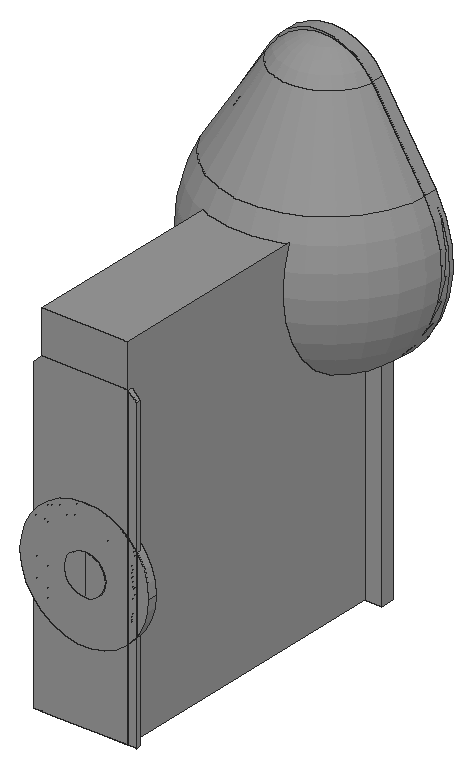
Revit family "Toilet-Willoughby-ETF-1490-OW-HC", category Plumbing Fixtures, Revit 2015
Parameters (values of type "Standard")
  Waste DIA = 2 3/8"
  Waste Connection = yes
  W-RAD [instance] = Waste DIA / 2  # 0' - 1 3/16"
  Vent Connection = no
  URL = "https://www.willoughby-ind.com/wp-content/uploads/2018/01/ETF-1490-OW.pdf"
  Type Comments = ""
  Revision = "A"
  Model = "ETF-1490-OW-HC"
  Manufacturer = "Willoughby Industries"
  HW Connection = no
  Flush inlet DIA = 1 1/2"
  Fixture Body = Stainless Steel AISI 304-Willoughby
  F-RAD [instance] = Flush inlet DIA / 2  # 0' - 0 3/4"
  Description = "Floor Outlet, Off Wall Mounted Toilet, Sophon Jet, Handicap Height"
  Default Elevation = 0' - 0"
  Contact Number = "(800) 428-4065"
  CW Connection = yes
Reference planes (in)
  plane 1 "Base": y = -16.25
  plane 2: z = 0
  plane 3 "Center": x = 18.31072
  plane 4 "Waste height": y = -4.75
  plane 5: y = -1.25
  plane 6: z = -6.75
  plane 7: y = -2.125
  plane 8: y = -14.0625
  plane 9: y = 0.5
  plane 10: x = 16.56072
  plane 11: x = 20.06072
  plane 12: x = 11.56072
  plane 13: x = 25.06072
  plane 14: z = 23
  plane 15: z = 30.75
  plane 16: x = 15.81072
  plane 17: x = 20.81072
  plane 18: x = 15.81072
  plane 19: x = 20.81072
  plane 20: z = 4.25
  plane 21: x = 12.56072
  plane 22: x = 24.06072
  plane 23: z = 2.75
Forms (in)
  Extrusion 1, solid, material "Stainless Steel AISI 304-Willoughby" <- "Fixture Body"
    sketch origin (16.08109, 10.47968, -2.20225) x (-1, 0, 0) y (0, 0, -1)
      loop
        line (1.29775, -16.80087) -> (1.29775, -4.20225) -> (-5.72963, -4.20225) -> (-5.72963, -16.81676)
        arc (-5.72963, -16.81676) -> (-8.98136, -21.11843) -> (-8.21015, -26.45542) r 7
        line (-8.21015, -26.45542) -> (-5.16818, -31.31054)
        arc (-5.16818, -31.31054) -> (-2.20225, -32.95225) -> (0.76368, -31.31054) r 3.5
        line (0.76368, -31.31054) -> (3.80565, -26.45542)
        arc (3.80565, -26.45542) -> (4.5729, -21.10311) -> (1.29775, -16.80087) r 7
      loop
        arc (2.03989, -24.70557) -> (-2.20225, -18.23804) -> (-6.44438, -24.70557) r 4.625
        line (-6.44438, -24.70557) -> (-4.04125, -30.23842)
        arc (-4.04125, -30.23842) -> (-2.20225, -31.45225) -> (-0.36324, -30.23842) r 2
        line (-0.36324, -30.23842) -> (2.03989, -24.70557)
    from 8.72968 to 9.5
  Revolve 2, solid, material "Stainless Steel AISI 304-Willoughby" <- "Fixture Body"
    sketch origin (19.37246, 1.47968, 1.00169) x (-1, 0, 0) y (0, 0, -1)
      loop
        line (1.06174, -12.59906) -> (1.06174, -12.84906)
        arc (1.06174, -12.84906) -> (6.91177, -17.54136) -> (5.58904, -24.92315) r 7.34171
        line (5.58904, -24.92315) -> (3.81535, -27.91457)
        arc (3.81535, -27.91457) -> (2.63527, -29.03194) -> (1.06174, -29.43826) r 3.25
        line (1.06174, -29.43826) -> (1.06174, -29.68826)
        arc (1.06174, -29.68826) -> (2.75672, -29.25045) -> (4.02767, -28.04656) r 3.5
        line (4.02767, -28.04656) -> (7.06964, -23.19143)
        arc (7.06964, -23.19143) -> (7.15052, -16.14555) -> (1.06174, -12.59906) r 7
      axis (1.06174, -12.59906) -> (1.06174, -29.68826)
    angle from 0 to -180
  Extrusion 3, solid, material "Stainless Steel AISI 304-Willoughby" <- "Fixture Body"
    sketch origin (19.53334, -0.02032, -4.9508) x (0, 1, 0) y (0, 0, 1)
      loop
        line (-4.42257, 6.9508) -> (1.02643, 6.9508) -> (1.02643, 18.97156)
        arc (1.02643, 18.97156) -> (-2.31062, 20.32275) -> (-4.42257, 23.23845) r 6.52287
        line (-4.42257, 23.23845) -> (-4.42257, 6.9508)
    from 1.27686 to -3.72262
  Extrusion 4, solid, material "Stainless Steel AISI 304-Willoughby" <- "Fixture Body"
    sketch origin (0, -16.25, 0) x (1, 0, 0) y (0, 0, 1)
      loop
        line (20.81072, 2) -> (20.81072, 23) -> (15.81072, 23) -> (15.81072, 2) -> (20.81072, 2)
    from 0 to -11.80711
  Revolve 5, solid, material "Stainless Steel AISI 304-Willoughby" <- "Fixture Body"
    sketch origin (18.31072, 0, 0) x (0, 1, 0) y (0, 0, 1)
      loop
        line (-16.25195, 10) -> (-14.75, 10) -> (-14.75, 11.1875) -> (-16.25195, 11.1875) -> (-16.25195, 10)
      axis (-14.75, 10) -> (-16.25195, 10)
    angle from 0 to 360
  Revolve 6, solid, material "Stainless Steel AISI 304-Willoughby" <- "Fixture Body"
    sketch origin (18.31072, 3, 0) x (0, 1, 0) y (0, 0, 1)
      loop
        line (-0.25, 4) -> (-0.25, 4.75) -> (-1.46566, 4.75) -> (-1.46566, 4) -> (-0.25, 4)
      axis (-0.25, 4) -> (-1.46566, 4)
    angle from 0 to 360
  Extrusion 7, solid, material "Stainless Steel AISI 304-Willoughby" <- "Fixture Body"
    sketch origin (0, -16.25, 0) x (1, 0, 0) y (0, 0, 1)
      loop
        circle (18.29703, 10) r 3.75
    from 0 to -0.5
  Extrusion 8, solid, material "Stainless Steel AISI 304-Willoughby" <- "Fixture Body"
    sketch origin (0, -16.25, 0) x (1, 0, 0) y (0, 0, 1)
      loop
        line (21.12282, 2) -> (21.31072, 2) -> (21.31072, 20) -> (20.81072, 20.5) -> (15.81072, 20.5) -> (15.31072, 20) -> (15.31072, 2) -> (16.12282, 2) -> (21.12282, 2)
    from 0 to -0.25
Cuts and joins
  joined: Extrusion 1, Extrusion 3, Extrusion 4
Lines and regions (in)
  model lines, detail levels coarse+medium
    curve 1: line (13.81072, -16.25, 0) -> (22.81072, -16.25, 0)
    curve 2: line (22.81072, -16.25, 1) -> (13.81072, -16.25, 1)
  symbolic lines, style "PlumbingFixtures"
    curve 3: line (18.31072, -1.25, 5) -> (18.31072, -1.25, 25.81005)
  symbolic lines
    curve 4: line (11.28334, -1.25, 0) -> (25.28334, -1.25, 0)
    curve 5: line (25.28334, -1.25, 0) -> (25.28334, -2.02032, 0)
    curve 6: line (11.28334, -1.25, 0) -> (11.28334, -2.02032, 0)
    curve 7: arc (11.28334, -2.02032, 0) -> (13.53774, -6.64732, 0) -> (18.31072, -8.57346, 0) r 7.17351
    curve 8: arc (18.31072, -8.57346, 0) -> (23.07813, -6.66, 0) -> (25.28334, -2.02032, 0) r 7.05363
    curve 9: line (15.81072, -8.07914, 0) -> (15.81072, -15.75, 0)
    curve 10: line (12.56072, -5.52527, 0) -> (12.56072, -16.25, 0)
    curve 11: line (12.56072, -16.25, 0) -> (24.06072, -16.25, 0)
    curve 12: line (24.06072, -16.25, 0) -> (24.06072, -5.51508, 0)
    curve 13: line (20.81072, -8.09152, 0) -> (20.81072, -16.25, 0)
    curve 14: line (12.56072, -16.25, 0) -> (24.06072, -16.25, 0)
    curve 15: line (24.06072, -16.25, 0) -> (24.06072, -16.25, 1)
    curve 16: line (24.06072, -16.25, 1) -> (21.81072, -16.25, 1)
    curve 17: line (21.81072, -16.25, 1) -> (21.81072, -16.25, 14.61451)
    curve 18: line (14.78334, -16.25, 14.59862) -> (14.78334, -16.25, 1)
    curve 19: line (14.78334, -16.25, 1) -> (12.56072, -16.25, 1)
    curve 20: line (12.56072, -16.25, 1) -> (12.56072, -16.25, 0)
    curve 21: arc (21.81072, -16.25, 14.61451) -> (25.06245, -16.25, 18.91618) -> (24.29124, -16.25, 24.25317) r 7
    curve 22: line (24.29124, -16.25, 24.25317) -> (21.24927, -16.25, 29.1083)
    curve 23: arc (21.24927, -16.25, 29.1083) -> (18.28334, -16.25, 30.75) -> (15.31741, -16.25, 29.1083) r 3.5
    curve 24: line (15.31741, -16.25, 29.1083) -> (12.35249, -16.25, 24.379)
    curve 25: arc (12.35249, -16.25, 24.379) -> (11.49002, -16.25, 18.97236) -> (14.78334, -16.25, 14.59862) r 7
    curve 30: line (18.31072, -1.25, 0) -> (18.31072, -1.25, 30.75)
    curve 31: line (18.31072, -1.25, 30.75) -> (18.31072, -2.02032, 30.75)
    curve 32: arc (18.31072, -2.02032, 30.75) -> (18.31072, -3.19741, 30.282) -> (18.31072, -4.16324, 29.4624) r 3.9118
    curve 33: line (18.31072, -4.16324, 29.4624) -> (18.31072, -7.52822, 24.19312)
    curve 34: arc (18.31072, -7.52822, 24.19312) -> (18.31072, -7.84583, 23.61494) -> (18.31072, -8.08458, 23) r 5.00151
    curve 35: line (18.31072, -7.5932, 23) -> (18.31072, -16.25, 23)
    curve 36: line (18.31072, -16.25, 23) -> (18.31072, -16.25, 0)
    curve 37: line (18.31072, -16.25, 0) -> (18.31072, -1.25, 0)
    curve 38: line (18.31072, -2.125, 0) -> (18.31072, -2.125, 14)
    curve 39: arc (18.31072, -2.125, 14) -> (18.31072, -7.03014, 17.18092) -> (18.31072, -7.5932, 23) r 6.72716
    curve 40: arc (21.81072, -16.25, 5.45177) -> (22.01817, -16.25, 4.22179) -> (21.81072, -16.25, 2.99181) r 3.75
    curve 41: arc (14.78334, -16.25, 5.60687) -> (14.51817, -16.25, 4.22179) -> (14.78334, -16.25, 2.83672) r 3.75
  symbolic lines, detail levels fine
    curve 26: arc (14.0412, -16.25, 22.50332) -> (18.28334, -16.25, 16.0358) -> (22.52547, -16.25, 22.50332) r 4.625
    curve 27: line (22.52547, -16.25, 22.50332) -> (20.12234, -16.25, 28.03617)
    curve 28: arc (20.12234, -16.25, 28.03617) -> (18.28334, -16.25, 29.2424) -> (16.44433, -16.25, 28.03617) r 2.00498
    curve 29: line (16.44433, -16.25, 28.03617) -> (14.0412, -16.25, 22.50332)
Dimensions and locks (in)
  plane 1 "Base" to plane 5 = 1' - 3"
  level to plane 15 = 2' - 6 3/4"
  plane 21 to plane 22 = 0' - 11 1/2"  (x2)
  plane 13 to plane 22 = 0' - 1"
  level to plane 20 = 0' - 4 1/4"
  plane 21 to plane 3 "Center" = 0' - 5 3/4"
  level to plane 23 = 0' - 2 3/4"
  plane 18 to plane 19 = 0' - 5"
  aligned and locked: Extrusion 8 sketch curve to cut or joined group of Extrusion 1, Extrusion 3, Extrusion 4
  aligned and locked: Extrusion 1 to Extrusion 4
  aligned and locked: Extrusion 4 to Extrusion 3
Connectors (in)
  piping at (18.31072, -16.25195, 10), diameter 2.375, driven by "W-RAD", driven by "Waste Connection"
    settings: on Revolve 5, index 4, connector inside diameter 24", connector length 0' - 0", flow factor 0, pipe flow 0 GPM, pressure drop 0.00 psi, fitting loss kfactor 0, connector angle 0.00°, fixture units 0, engagement length 0' - 0", angle of deflection 0.00°, flow configuration 0, flow direction 2, fitting loss method 0, system type 16, joint type 0, gender type 0, connector reference index -1, connector utility 1, adjustable connector no, is connector primary yes, connector description "Toilet Waste"
  piping at (18.31072, 2.75, 4), diameter 1.5, driven by "F-RAD", driven by "CW Connection"
    settings: on Revolve 6, index 5, connector inside diameter 24", connector length 0' - 0", flow factor 0, pipe flow 0 GPM, pressure drop 0.00 psi, fitting loss kfactor 0, connector angle 0.00°, fixture units 0, engagement length 0' - 0", angle of deflection 0.00°, flow configuration 0, flow direction 1, fitting loss method 0, system type 20, joint type 0, gender type 0, connector reference index -1, connector utility 1, adjustable connector no, is connector primary no, connector description "Flush Inlet"
